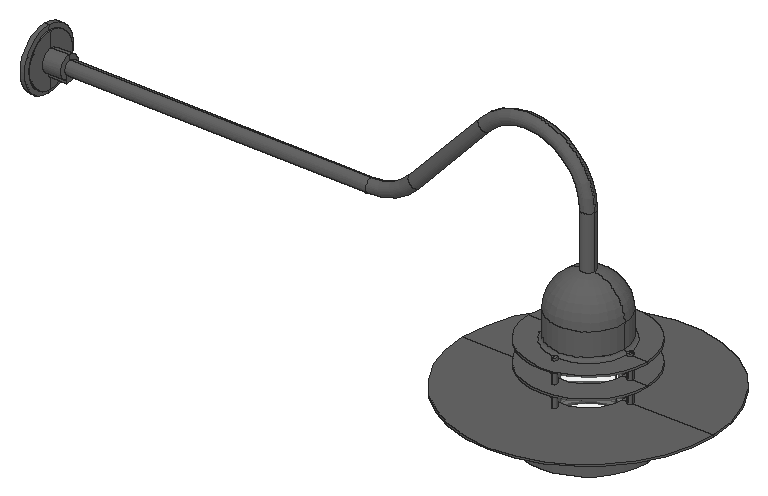
Revit family "Satelite 9,19 LED", category Lighting Fixtures, Revit 2020
Family settings
  Round Connector Dimension = Use Diameter
  Part Type = Normal
  OmniClass Number = 23.80.70.00
  OmniClass Title = Lighting
  Work Plane-Based = No
  Always vertical = Yes
  Cut with Voids When Loaded = No
  Light Source = Yes
  Shared = No
  Room Calculation Point = No
Parameters (values of type "SA19")
  b = 0' - 2"
  a = 0' - 11"
  Weight = "9.0 lbs"
  Wattage Comments = "24 W"
  Wattage = 26.9284 W
  Warranty = "5 year limited warranty"  # constant formula
  built-in parameter 1150110 = 1 (stored number, unit not read)
  Voltage = 277 V  # constant formula
  URL = "https://www.anplighting.com/assets/Uploads/product-attachments/specification-sheets/ANP-Specification-Sheet-RLM-LED-SA19.pdf"
  built-in parameter 1114217 = 1 (stored number, unit not read)
  Tilt Angle = 90.00°
  built-in parameter 1150109 = 1 (stored number, unit not read)
  built-in parameter 1150134 = 12
  built-in parameter 1150113 = 1 (stored number, unit not read)
  SA19 = yes
  SA09 = no
  Photometric Web File = "generic.ies"
  Mounting Option [instance] = 4
  Power Factor = 1
  Post Mount [instance] = Mounting Option = 5  # no
  Placement X axis side [instance] = if(Post Mount, 2' 2 15/32", if(Cord or Stem Mount, 0' 0", if(E36 20 inch, 1' 8 1/4", if(E 6 26 inch, 2' 2", if(E7 41 inch, 3' 5 1/4", 0' 1")))))  # 3' - 5 1/4"
  Model = "SA19"
  Manufacturer = "ANP Lighting"  # constant formula
  built-in parameter 1150105 = 318.31 (stored number, unit not read)
  Lumens = 4000 lm
  built-in parameter 1150115 = 1 (stored number, unit not read)
  Load Classification = Lighting
  Light Source Height [instance] = 0' - 0"
  built-in parameter 1150137 = (empty or 0)
  built-in parameter 1150139 = (empty or 0)
  Light Elevation _2 [instance] = if(Post Mount, 0' 0.66142", if(E7 41 inch, 0' 0.66142", if(E36 20 inch, 0' 1.65748", if(E 6 26 inch, 0' 1.53543", if(Cord or Stem Mount, (0' 4.3622" + Cord Length), 0' 0")))))  # 0' - 0.66142"
  Light Elevation _1 [instance] = if(Post Mount, 0' 0", if(E7 41 inch, 0' 0", if(E36 20 inch, 0' 1", if(E 6 26 inch, 0' 0.87402", if(Cord or Stem Mount, (0' 3.66142" + Cord Length), 0' 0")))))  # 0' - 0"
  Light Elevation [instance] = if(Post Mount, 14' 0.5315", if(E7 41 inch, 0' 0", 0' 0"))  # 0' - 0"
  Life = "L70 50,000 hours"  # constant formula
  built-in parameter 1150112 = 1 (stored number, unit not read)
  built-in parameter 1150114 = 1 (stored number, unit not read)
  Lamp = "LED"
  built-in parameter 1150132 = 2
  built-in parameter 1150102 = (empty or 0)
  built-in parameter 1150107 = 4000 (stored number, unit not read)
  built-in parameter 1150138 = (empty or 0)
  built-in parameter 1150106 = 3.1831 (stored number, unit not read)
  INSIDE BODY = Default
  Fixture Height = 1' - 0 1/2"
  Fixture Diameter = 1' - 7"
  Efficiency = "65-125 lumens per watt"  # constant formula
  built-in parameter 1150104 = 13.8 (stored number, unit not read)
  E7 41 inch [instance] = Mounting Option = 4  # yes
  E36 20 inch [instance] = Mounting Option = 3  # no
  E 6 26 inch [instance] = Mounting Option = 2  # no
  Dimming Lamp Color Temperature Shift = <None>
  Dimming = "1%"  # constant formula
  Description = "120-277 Voltage"  # constant formula
  Default Elevation = 0' - 0"
  Cord or Stem Mount [instance] = Mounting Option = 1  # no
  Cord Length option [instance] = 0
  Cord Length [instance] = if([2' Cord], 2' 0", if([4' Cord], 4' 0", if([8' Cord], 8' 0", if([10' Cord], 10' 0", if([6' Cord], 6' 0", 6' 0")))))  # 6' - 0"
  Construction Material = "Heavy Duty spun aluminum."  # constant formula
  Color Filter = 16777215
  Canopy Body = body
  CRI = ">90"  # constant formula
  Bulb = Glass
  Body Material = body
  Body Colour = "Spun aluminium"  # constant formula
  built-in parameter 1114218 = 1 (stored number, unit not read)
  built-in parameter 1150133 = 10 (stored number, unit not read)
  Apparent Load = 24 VA
  8' Cord [instance] = Cord Length option = 8  # no
  6' Cord [instance] = Cord Length option = 6  # no
  4' Cord [instance] = Cord Length option = 4  # no
  2' Cord [instance] = Cord Length option = 2  # no
  10' Cord [instance] = Cord Length option = 10  # no
Types (3): name | a | Weight | Wattage Comments | Wattage | URL | SA19 | SA09 | Photometric Web File | Mounting Option | Post Mount | Placement X axis side | Model | built-in parameter 1150105 | Lumens | Light Elevation | built-in parameter 1150106 | Fixture Height | Fixture Diameter | E7 41 inch | Apparent Load
  (no name) | 0' - 11" | "9.0 lbs" | "24 W" | 26.9284 W | "https://www.anplighting.com/assets/Uploads/product-attachments/specification-sheets/ANP-Specification-Sheet-RLM-LED-SA19.pdf" | yes | no | "generic.ies" | 4 | no | 3' - 5 1/4" | "SA19" | 318.31 (stored number, unit not read) | 4000 lm | 0' - 0" | 3.1831 (stored number, unit not read) | 1' - 0 1/2" | 1' - 7" | yes | 24 VA
  SA9 | 0' - 8" | "6.0 lbs" | "16 W" | 13.4642 W | "https://www.anplighting.com/assets/Uploads/product-attachments/specification-sheets/ANP-Specification-Sheet-RLM-LED-SA9.pdf" | no | yes | "Generic.ies" | 5 | yes | 2' - 2 15/32" | "SA9" | 159.11 (stored number, unit not read) | 2000 lm | 14' - 0.5315" | 1.5911 (stored number, unit not read) | 0' - 9 1/8" | 0' - 9" | no | 16 VA
  SA19 | 0' - 11" | "9.0 lbs" | "24 W" | 26.9284 W | "https://www.anplighting.com/assets/Uploads/product-attachments/specification-sheets/ANP-Specification-Sheet-RLM-LED-SA19.pdf" | yes | no | "generic.ies" | 4 | no | 3' - 5 1/4" | "SA19" | 318.31 (stored number, unit not read) | 4000 lm | 0' - 0" | 3.1831 (stored number, unit not read) | 1' - 0 1/2" | 1' - 7" | yes | 24 VA
Reference planes (in)
  plane 1 "Light Source Axis (F/B)": y = 0
  plane 2: z = 0
  plane 3 "Light Source Axis (L/R)": x = 0
  plane 4 "Light Source Elevation": z = 0
  plane 5: z = 0
  plane 6: x = 41.25
  plane 7 "Bulb Position": z = -0.66142
  plane 8 "Canopy Position": z = 0
  plane 9 "IES": z = -0.66142
  plane 10: z = 164.5315
  plane 11: z = -11
  plane 12: z = -9
  plane 13: z = -6.56887
Dimensions and locks (in)
  "Light Elevation": plane 5 to plane 2
  "Placement X axis side": plane 6 to plane 3 "Light Source Axis (L/R)"
  "Light Elevation _2": plane 5 to plane 7 "Bulb Position"
  "Light Elevation _1": plane 5 to plane 8 "Canopy Position"
  "Light Source Height": plane 7 "Bulb Position" to plane 9 "IES"
  plane 4 "Light Source Elevation" to plane 2 = 0' - 0"
  "a": plane 8 "Canopy Position" to plane 11
  "b": plane 12 to plane 11
  locked: plane 13 to plane 12 at 2.43113
  aligned and locked: level to plane 2
  aligned and locked: plane 1 "Light Source Axis (F/B)" to nested 5
  aligned and locked: nested 5 to plane 2
  aligned and locked: nested 1 to plane 3 "Light Source Axis (L/R)"
  aligned and locked: plane 3 "Light Source Axis (L/R)" to nested 2
  aligned and locked: plane 3 "Light Source Axis (L/R)" to nested 4
  aligned and locked: nested 3 to plane 5
  aligned and locked: plane 3 "Light Source Axis (L/R)" to nested 3
  aligned and locked: plane 3 "Light Source Axis (L/R)" to nested 5
  aligned and locked: plane 1 "Light Source Axis (F/B)" to nested 2
  aligned and locked: plane 1 "Light Source Axis (F/B)" to nested 1
  aligned and locked: plane 1 "Light Source Axis (F/B)" to nested 4
  aligned and locked: plane 1 "Light Source Axis (F/B)" to nested 3
  aligned and locked: plane 2 to nested 1
  aligned and locked: nested 2 to plane 2
  aligned and locked: nested 4 to plane 2
  aligned and locked: plane 6 to imposter light
  aligned and locked: imposter light to plane 12
  aligned and locked: nested 6 to plane 8 "Canopy Position"
  aligned and locked: nested 7 to plane 8 "Canopy Position"
  aligned and locked: plane 6 to nested 6
  aligned and locked: plane 6 to nested 7
Nested families (in)
  nested 1: "CORD OR STEM MOUNT" at (0, 0, -75.67), visible <- "Cord or Stem Mount", Cord or Stem Mount <- "Cord or Stem Mount", Body Material <- "Body Material", Light Elevation <- "Light Elevation", Cord Length <- "Cord Length", 10' Cord <- "10' Cord", 2' Cord <- "2' Cord", 4' Cord <- "4' Cord", 6' Cord <- "6' Cord", 8' Cord <- "8' Cord", type "CORD OR STEM MOUNT"
    with Light Elevation 0' - 0", Cord or Stem Mount no, Cord Length 6' - 0", Body Material body, 8' Cord no, 6' Cord no, 4' Cord no, 2' Cord no, 10' Cord no
  nested 2: "E6 26 INCH" at (41.25, 0, 0), visible <- "E 6 26 inch", Chain Length <- "Cord Length", E 6 26 inch <- "E 6 26 inch", Placement X axis side <- "Placement X axis side", Body Material <- "Body Material", Light Elevation <- "Light Elevation", type "E6 26 INCH"
    with Placement X axis side 3' - 5 1/4", Light Elevation 0' - 0", E 6 26 inch no, Chain Length 6' - 0", Body Material body
  nested 3: "E7 41 INCH" at (41.25, 0, 0), Chain Length <- "Cord Length", visible <- "E7 41 inch", E7 41 inch <- "E7 41 inch", Placement X axis side <- "Placement X axis side", Body Material <- "Body Material", Light Elevation <- "Light Elevation", type "E7 41 INCH"
    with Placement X axis side 3' - 5 1/4", Light Elevation 0' - 0", E7 41 inch yes, Chain Length 6' - 0", Body Material body
  nested 4: "E36 20 INCH" at (41.25, 0, 0), visible <- "E36 20 inch", E36 20 inch <- "E36 20 inch", Placement X axis side <- "Placement X axis side", Chain Length <- "Cord Length", Body Material <- "Body Material", Light Elevation <- "Light Elevation", type "E36 20 INCH"
    with Placement X axis side 3' - 5 1/4", Light Elevation 0' - 0", E36 20 inch no, Chain Length 6' - 0", Body Material body
  nested 5: "POST MOUNT" at (41.25, 0, 0), visible <- "Post Mount", Post Mount <- "Post Mount", Placement X axis side <- "Placement X axis side", Chain Length <- "Cord Length", Body Material <- "Body Material", Light Elevation <- "Light Elevation", type "POST MOUNT"
    with Post Mount no, Placement X axis side 3' - 5 1/4", Light Elevation 0' - 0", Chain Length 6' - 0", Body Material body
  nested 6: "SA9 A" at (41.25, 0, 0), Body <- "Canopy Body", Light Elevation <- "Light Elevation", SA09 <- "SA09", visible <- "SA09", GLASS <- "Bulb", type "SA9 A"
    with SA09 no, Light Elevation 0' - 0", GLASS Glass, Body body
  nested 7: "SA19 A" at (41.25, 0, 0), Body <- "Canopy Body", Light Elevation <- "Light Elevation", SA19 <- "SA19", visible <- "SA19", GLASS <- "Bulb", type "SA19 A"
    with SA19 yes, Light Elevation 0' - 0", GLASS Glass, Body body
Definition of nested family "E7 41 INCH"
  Parameters (values of type "E7 41 INCH")
    URL = ""
    Placement X axis side [instance] = 4' - 2"
    Model = ""
    Manufacturer = ""
    Light Elevation [instance] = 8' - 4"
    E7 41 inch [instance] = yes
    Default Elevation = 0' - 0"
    Chain Length [instance] = 0' - 0"
    Body Material [instance] = none
  Reference planes (in)
    plane 1 "Light Source Axis (F/B)": y = 0
    plane 2: z = 0
    plane 3 "Light Source Axis (L/R)": x = 0
    plane 4 "Light Source Elevation": z = 23.125
    plane 5: z = 100
    plane 6: x = -50
  Forms (in)
    Extrusion 1, void, not visible
      sketch origin (0, 0, 2.38154) x (1, 0, 0) y (0, 0, 1)
        loop
          circle (0, 4.59925) r 0.16583
      from 1.18594 to 1.75
    Extrusion 2, void, not visible
      sketch origin (0, 0, 2.38154) x (0.707107, -0.707107, 0) y (0, 0, 1)
        loop
          circle (0, 4.59925) r 0.16583
      from 1.18594 to 1.75
    Extrusion 3, void, not visible
      sketch origin (0, 0, 2.38154) x (0.707107, 0.707107, 0) y (0, 0, 1)
        loop
          circle (0, 4.59925) r 0.16583
      from 1.18594 to 1.75
    Extrusion 4, void, not visible
      sketch origin (0, 0, 2.38154) x (0, 1, 0) y (0, 0, 1)
        loop
          circle (0, 4.59925) r 0.16583
      from 1.18594 to 1.75
    Extrusion 5, void, not visible
      sketch origin (0, 0, 2.38154) x (-0.707107, 0.707107, 0) y (0, 0, 1)
        loop
          circle (0, 4.59925) r 0.16583
      from 1.18594 to 1.75
    Extrusion 6, void, not visible
      sketch origin (0, 0, 2.38154) x (-1, 0, 0) y (0, 0, 1)
        loop
          circle (0, 4.59925) r 0.20678
      from 1.18594 to 1.75
    Extrusion 7, void, not visible
      sketch origin (0, 0, 2.38154) x (-0.707107, -0.707107, 0) y (0, 0, 1)
        loop
          circle (0, 4.59925) r 0.16583
      from 1.18594 to 1.75
    Extrusion 8, void, not visible
      sketch origin (0, 0, 2.38154) x (0, -1, 0) y (0, 0, 1)
        loop
          circle (0, 4.59925) r 0.16583
      from 1.18594 to 1.75
    Revolve 9, solid, material <- "Body Material", visible <- "E7 41 inch"
      sketch origin (-41.25, 0, 168.39193) x (1, 0, 0) y (0, 0, 1)
        loop
          line (-8.75, -66.20443) -> (-8.75, -68.51693) -> (-6.87, -68.51693) -> (-6.87, -67.69272) -> (-8.2974, -67.69272) -> (-8.2974, -66.54122) -> (-8.41875, -66.54122) -> (-8.41875, -66.20443) -> (-8.75, -66.20443)
        axis (-8.75, -68.51693) -> (-6.87, -68.51693)
      angle from 0 to 360
    Extrusion 10, solid, material <- "Body Material", visible <- "E7 41 inch"
      sketch origin (-41.25, 0, 168.39193) x (0, -1, 0) y (0, 0, -1)
        loop
          line (0.25, 68.51693) -> (0.25, 69.51693) -> (-0.25, 69.51693) -> (-0.25, 68.51693) -> (0.25, 68.51693)
      from -8.2974 to -6.87
    Sweep 11, solid, material <- "Body Material", visible <- "E7 41 inch"
      path origin (-41.25, 0, 168.39193) x (1, 0, 0) y (0, 0, 1)
        loop
          line (-6.87, -68.51693) -> (16.04011, -68.51693)
          arc (16.04011, -68.51693) -> (17.864, -68.13651) -> (19.38375, -67.0587) r 4.5625
          line (19.38375, -67.0587) -> (24.70217, -61.33018)
          arc (24.70217, -61.33018) -> (29.64465, -60.20324) -> (32.5, -64.39193) r 4.5
          line (32.5, -64.39193) -> (32.5, -68.39193)
      profile origin (-36.66494, 0, 99.875) x (0, 0, 1) y (0, -1, 0)
        loop
          circle (0, 0) r 0.5
  Dimensions and locks (in)
    "Placement X axis side": plane 3 "Light Source Axis (L/R)" to plane 6
    "Light Elevation": plane 5 to plane 2
    locked: Revolve 9 sketch curve to Revolve 9 sketch curve at 0.33125
    locked: Revolve 9 sketch curve to Revolve 9 sketch curve at 0.4526
    locked: Revolve 9 sketch curve to Revolve 9 sketch curve at 1.88
    locked: Revolve 9 sketch curve to Revolve 9 sketch curve at 0.82421
    locked: Revolve 9 sketch curve to Revolve 9 sketch curve at 1.1515
    locked: Revolve 9 sketch curve to Revolve 9 sketch curve at 0.33679
    locked: plane 5 to Revolve 9 sketch curve at 0.125
    locked: Extrusion 10 sketch curve to Extrusion 10 sketch curve at 0.5
    locked: Extrusion 10 sketch curve to Extrusion 10 sketch curve at 1
    locked: plane 5 to Extrusion 10 sketch curve at 0.125
    locked: plane 5 to Sweep 11 sketch curve at 0.125
    locked: Sweep 11 sketch curve to Sweep 11 sketch curve at 39.37
    locked: Sweep 11 sketch curve to Sweep 11 sketch curve at 4
    locked: plane 6 to Extrusion 10 at 0.4526
    locked: Sweep 11 sketch curve to plane 6 at 1.88
    locked: Extrusion 10 to Extrusion 10 at 1.4274
    aligned and locked: plane 2 to level
    aligned and locked: Revolve 9 sketch curve to plane 6
  Automatic sketch dimensions
    Revolve 9 sketch curve to plane 5 = 0' - 0 1/8"
    plane 6 to Revolve 9 sketch curve = 0' - 0.62562"
    Revolve 9 sketch curve to Revolve 9 sketch curve = 0' - 0 1/2"
    plane 1 "Light Source Axis (F/B)" to Extrusion 10 sketch curve = 0' - 0 1/4"
    Sweep 11 sketch curve to plane 5 = 0' - 0"
    Sweep 11 sketch curve to Sweep 11 sketch curve = 0' - 4 1/2"
    Sweep 11 sketch curve to Sweep 11 sketch curve = 0' - 3.29783"
    plane 5 to Sweep 11 sketch curve = 0' - 1.33323"
    Sweep 11 sketch curve to Sweep 11 sketch curve = 0' - 5.31842"
    Sweep 11 sketch curve to Sweep 11 sketch curve = 0' - 3.34364"
    profile plane to Sweep 11 sketch curve = 0' - 0"
    Sweep 11 sketch curve to profile plane = 0' - 0"
    radius of Sweep 11 sketch curve = 0' - 0 1/2"
Definition of nested family "SA19 A"
  Parameters (values of type "SA19 A")
    SA19 [instance] = yes
    Light Elevation [instance] = 0' - 0"
    GLASS [instance] = none
    Default Elevation = 0' - 0"
    Body [instance] = none
  Reference planes (in)
    plane 1 "Center (Front/Back)": y = 0
    plane 2: z = 0
    plane 3 "Center (Left/Right)": x = 0
    plane 4: z = 0
  Dimensions and locks (in)
    "Light Elevation": plane 4 to plane 2
    aligned and locked: plane 2 to level
    aligned and locked: plane 3 "Center (Left/Right)" to nested 1
    aligned and locked: plane 1 "Center (Front/Back)" to nested 1
    aligned and locked: nested 1 to plane 4
  Nested families (in)
    nested 1: "SA19" at (0, 0, -18.97769), GLASS <- "GLASS", Body <- "Body", visible <- "SA19", SA19 <- "SA19", type "SA19"
      with SA19 yes, GLASS none, Body none
  Definition of nested family "SA19"
    Parameters (values of type "SA19")
      SA19 [instance] = yes
      GLASS [instance] = none
      Default Elevation = 0' - 0"
      Body [instance] = none
    Reference planes (in)
      plane 1 "Center (Front/Back)": y = 0
      plane 2: z = 0
      plane 3 "Center (Left/Right)": x = 0
    Forms (in)
      Revolve 1, solid, material <- "Body", visible <- "SA19"
        sketch origin (-26.97707, 0, -19.59999) x (1, 0, 0) y (0, 0, 1)
          loop
            line (24.22707, 35.82768) -> (24.22707, 34.08623)
            arc (24.22707, 34.08623) -> (24.15384, 33.90945) -> (23.97707, 33.83623) r 0.25
            line (23.97707, 33.83623) -> (22.47707, 33.83623) -> (22.47707, 33.71123) -> (23.97707, 33.71123)
            arc (23.97707, 33.71123) -> (24.24223, 33.82106) -> (24.35207, 34.08623) r 0.375
            line (24.35207, 34.08623) -> (24.35207, 35.82768)
            arc (24.35207, 35.82768) -> (25.11953, 37.68246) -> (26.97316, 38.45268) r 2.625
            line (26.97316, 38.45268) -> (26.97316, 38.57768)
            arc (26.97316, 38.57768) -> (25.03114, 37.77084) -> (24.22707, 35.82768) r 2.75
          loop
            line (22.47707, 32.21123) -> (22.47707, 32.08623) -> (24.35207, 32.08623) -> (24.35207, 32.21123) -> (22.47707, 32.21123)
          loop
            line (24.35207, 30.46123) -> (24.35207, 30.58623) -> (17.47707, 30.58623) -> (17.47707, 30.46123) -> (24.35207, 30.46123)
          loop
            arc (22.72707, 28.46123) -> (22.55029, 28.388) -> (22.47707, 28.21123) r 0.25
            line (22.47707, 28.21123) -> (22.47707, 26.96123) -> (22.60207, 26.96123) -> (22.60207, 28.21123)
            arc (22.60207, 28.21123) -> (22.63868, 28.29962) -> (22.72707, 28.33623) r 0.125
            line (22.72707, 28.33623) -> (24.35207, 28.33623) -> (24.35207, 28.46123) -> (22.72707, 28.46123)
          axis (26.97707, 26.96123) -> (26.97707, 38.57768)
        angle from 0 to 360
      Revolve 2, solid, material <- "Body", visible <- "SA19"
        sketch origin (-26.97707, 0, -19.59999) x (1, 0, 0) y (0, 0, 1)
          loop
            line (23.60207, 33.71123) -> (23.60207, 32.21123) -> (23.66457, 32.21123) -> (23.66457, 33.71123) -> (23.60207, 33.71123)
          loop
            line (23.60207, 30.58623) -> (23.66457, 30.58623) -> (23.66457, 32.08623) -> (23.60207, 32.08623) -> (23.60207, 30.58623)
          loop
            line (23.60207, 28.46123) -> (23.66457, 28.46123) -> (23.66457, 30.46123) -> (23.60207, 30.46123) -> (23.60207, 28.46123)
          axis (23.78957, 33.71123) -> (23.78957, 28.46123)
        angle from 0 to 360
      Revolve 3, solid, material <- "Body", visible <- "SA19"
        sketch origin (-26.97707, 0, -19.59999) x (1, 0, 0) y (0, 0, 1)
          loop
            line (23.78957, 33.83623) -> (23.78957, 34.02373) -> (23.69582, 34.02373) -> (23.60207, 33.96123) -> (23.60207, 33.83623) -> (23.78957, 33.83623)
          axis (23.78957, 33.83623) -> (23.78957, 34.02373)
        angle from 0 to 360
      Revolve 4, solid, material <- "Body", visible <- "SA19"
        sketch origin (-26.97707, 0, -19.59999) x (1, 0, 0) y (0, 0, 1)
          loop
            arc (23.78957, 28.33623) -> (23.60192, 28.14858) -> (23.78957, 27.96093) r 0.18765
            line (23.78957, 27.96093) -> (23.78957, 28.33623)
          axis (23.78957, 28.33623) -> (23.78957, 27.96093)
        angle from 0 to 360
      Revolve 5, solid, material <- "Body", visible <- "SA19"
        sketch origin (26.97707, 0, -19.59999) x (-1, 0, 0) y (0, 0, 1)
          loop
            line (23.60207, 33.71123) -> (23.60207, 32.21123) -> (23.66457, 32.21123) -> (23.66457, 33.71123) -> (23.60207, 33.71123)
          loop
            line (23.60207, 30.58623) -> (23.66457, 30.58623) -> (23.66457, 32.08623) -> (23.60207, 32.08623) -> (23.60207, 30.58623)
          loop
            line (23.60207, 28.46123) -> (23.66457, 28.46123) -> (23.66457, 30.46123) -> (23.60207, 30.46123) -> (23.60207, 28.46123)
          axis (23.78957, 33.71123) -> (23.78957, 28.46123)
        angle from 0 to 360
      Revolve 6, solid, material <- "Body", visible <- "SA19"
        sketch origin (26.97707, 0, -19.59999) x (-1, 0, 0) y (0, 0, 1)
          loop
            line (23.78957, 33.83623) -> (23.78957, 34.02373) -> (23.69582, 34.02373) -> (23.60207, 33.96123) -> (23.60207, 33.83623) -> (23.78957, 33.83623)
          axis (23.78957, 33.83623) -> (23.78957, 34.02373)
        angle from 0 to 360
      Revolve 7, solid, material <- "Body", visible <- "SA19"
        sketch origin (26.97707, 0, -19.59999) x (-1, 0, 0) y (0, 0, 1)
          loop
            arc (23.78957, 28.33623) -> (23.60192, 28.14858) -> (23.78957, 27.96093) r 0.18765
            line (23.78957, 27.96093) -> (23.78957, 28.33623)
          axis (23.78957, 28.33623) -> (23.78957, 27.96093)
        angle from 0 to 360
      Revolve 8, solid, material <- "Body", visible <- "SA19"
        sketch origin (0, 26.97707, -19.59999) x (0, -1, 0) y (0, 0, 1)
          loop
            line (23.60207, 33.71123) -> (23.60207, 32.21123) -> (23.66457, 32.21123) -> (23.66457, 33.71123) -> (23.60207, 33.71123)
          loop
            line (23.60207, 30.58623) -> (23.66457, 30.58623) -> (23.66457, 32.08623) -> (23.60207, 32.08623) -> (23.60207, 30.58623)
          loop
            line (23.60207, 28.46123) -> (23.66457, 28.46123) -> (23.66457, 30.46123) -> (23.60207, 30.46123) -> (23.60207, 28.46123)
          axis (23.78957, 33.71123) -> (23.78957, 28.46123)
        angle from 0 to 360
      Revolve 9, solid, material <- "Body", visible <- "SA19"
        sketch origin (0, 26.97707, -19.59999) x (0, -1, 0) y (0, 0, 1)
          loop
            line (23.78957, 33.83623) -> (23.78957, 34.02373) -> (23.69582, 34.02373) -> (23.60207, 33.96123) -> (23.60207, 33.83623) -> (23.78957, 33.83623)
          axis (23.78957, 33.83623) -> (23.78957, 34.02373)
        angle from 0 to 360
      Revolve 10, solid, material <- "Body", visible <- "SA19"
        sketch origin (0, 26.97707, -19.59999) x (0, -1, 0) y (0, 0, 1)
          loop
            arc (23.78957, 28.33623) -> (23.60192, 28.14858) -> (23.78957, 27.96093) r 0.18765
            line (23.78957, 27.96093) -> (23.78957, 28.33623)
          axis (23.78957, 28.33623) -> (23.78957, 27.96093)
        angle from 0 to 360
      Revolve 11, solid, material <- "Body"
        sketch origin (0, -26.97707, -19.59999) x (0, 1, 0) y (0, 0, -1)
          loop
            line (23.60207, -33.71123) -> (23.66457, -33.71123) -> (23.66457, -32.21123) -> (23.60207, -32.21123) -> (23.60207, -33.71123)
          loop
            line (23.60207, -30.58623) -> (23.60207, -32.08623) -> (23.66457, -32.08623) -> (23.66457, -30.58623) -> (23.60207, -30.58623)
          loop
            line (23.60207, -28.46123) -> (23.60207, -30.46123) -> (23.66457, -30.46123) -> (23.66457, -28.46123) -> (23.60207, -28.46123)
          axis (23.78957, -33.71123) -> (23.78957, -28.46123)
        angle from 0 to 360
      Revolve 12, solid, material <- "Body"
        sketch origin (0, -26.97707, -19.59999) x (0, 1, 0) y (0, 0, -1)
          loop
            line (23.78957, -33.83623) -> (23.60207, -33.83623) -> (23.60207, -33.96123) -> (23.69582, -34.02373) -> (23.78957, -34.02373) -> (23.78957, -33.83623)
          axis (23.78957, -33.83623) -> (23.78957, -34.02373)
        angle from 0 to 360
      Revolve 13, solid, material <- "Body", visible <- "SA19"
        sketch origin (0, -26.97707, -19.59999) x (0, 1, 0) y (0, 0, -1)
          loop
            line (23.78957, -28.33623) -> (23.78957, -27.96093)
            arc (23.78957, -27.96093) -> (23.60192, -28.14858) -> (23.78957, -28.33623) r 0.18765
          axis (23.78957, -28.33623) -> (23.78957, -27.96093)
        angle from 0 to 360
      Revolve 14, solid
        sketch origin (-39.5462, 0, -2.85721) x (1, 0, 0) y (0, 0, 1)
          loop
            line (38.7962, 18.11574) -> (37.0462, 18.11574) -> (37.0462, 17.36574) -> (37.1087, 17.36574) -> (37.1087, 16.86574) -> (37.3587, 16.86574) -> (37.3587, 17.92824) -> (38.7962, 17.92824) -> (38.7962, 18.11574)
          axis (39.5462, 18.11574) -> (39.5462, 16.86574)
        angle from 0 to 360
      Revolve 15, solid, material <- "GLASS"
        sketch origin (-39.5462, 0, -2.85721) x (1, 0, 0) y (0, 0, 1)
          loop
            line (37.59458, 17.83567) -> (37.46958, 17.83567) -> (37.46958, 16.86574) -> (37.3612, 16.77317) -> (37.3612, 11.52067)
            arc (37.3612, 11.52067) -> (38.00117, 9.97565) -> (39.5462, 9.33567) r 2.185
            line (39.5462, 9.33567) -> (39.5462, 9.46067)
            arc (39.5462, 9.46067) -> (38.08956, 10.06403) -> (37.4862, 11.52067) r 2.06
            line (37.4862, 11.52067) -> (37.4862, 16.71555) -> (37.59458, 16.80811) -> (37.59458, 17.83567)
          axis (39.5462, 17.83567) -> (39.5462, 9.33567)
        angle from 0 to 360
    Dimensions and locks (in)
      aligned and locked: plane 2 to level
Definition of nested family "CORD OR STEM MOUNT"
  Parameters (values of type "CORD OR STEM MOUNT")
    URL = ""
    Model = ""
    Manufacturer = ""
    Light Elevation [instance] = 1' - 7.69"
    Default Elevation = 0' - 0"
    Cord or Stem Mount [instance] = yes
    Cord Length [instance] = 6' - 0"
    Body Material [instance] = none
    8' Cord [instance] = no
    6' Cord [instance] = no
    4' Cord [instance] = no
    2' Cord [instance] = no
    10' Cord [instance] = no
  Reference planes (in)
    plane 1 "Light Source Axis (F/B)": y = 0
    plane 2: z = 0
    plane 3 "Light Source Axis (L/R)": x = 0
    plane 4 "Light Source Elevation": z = 23.125
    plane 5: z = 91.69
    plane 6: z = 19.69
  Forms (in)
    Extrusion 1, void, not visible
      sketch origin (0, 0, 2.38154) x (1, 0, 0) y (0, 0, 1)
        loop
          circle (0, 4.59925) r 0.16583
      from 1.18594 to 1.75
    Extrusion 2, void, not visible
      sketch origin (0, 0, 2.38154) x (0.707107, -0.707107, 0) y (0, 0, 1)
        loop
          circle (0, 4.59925) r 0.16583
      from 1.18594 to 1.75
    Extrusion 3, void, not visible
      sketch origin (0, 0, 2.38154) x (0.707107, 0.707107, 0) y (0, 0, 1)
        loop
          circle (0, 4.59925) r 0.16583
      from 1.18594 to 1.75
    Extrusion 4, void, not visible
      sketch origin (0, 0, 2.38154) x (0, 1, 0) y (0, 0, 1)
        loop
          circle (0, 4.59925) r 0.16583
      from 1.18594 to 1.75
    Extrusion 5, void, not visible
      sketch origin (0, 0, 2.38154) x (-0.707107, 0.707107, 0) y (0, 0, 1)
        loop
          circle (0, 4.59925) r 0.16583
      from 1.18594 to 1.75
    Extrusion 6, void, not visible
      sketch origin (0, 0, 2.38154) x (-1, 0, 0) y (0, 0, 1)
        loop
          circle (0, 4.59925) r 0.20678
      from 1.18594 to 1.75
    Extrusion 7, void, not visible
      sketch origin (0, 0, 2.38154) x (-0.707107, -0.707107, 0) y (0, 0, 1)
        loop
          circle (0, 4.59925) r 0.16583
      from 1.18594 to 1.75
    Extrusion 8, void, not visible
      sketch origin (0, 0, 2.38154) x (0, -1, 0) y (0, 0, 1)
        loop
          circle (0, 4.59925) r 0.16583
      from 1.18594 to 1.75
    Revolve 9, solid, material <- "Body Material", visible <- "Cord or Stem Mount"
      sketch origin (0, 0, 174.56698) x (1, 0, 0) y (0, 0, 1)
        loop
          line (2.6875, -79.20698) -> (0, -79.20698) -> (0, -82.87698) -> (0.125, -82.87698) -> (0.125, -82.83698) -> (0.75, -82.83698)
          arc (0.75, -82.83698) -> (0.81694, -82.77004) -> (0.75, -82.7031) r 0.06694
          line (0.75, -82.7031) -> (0.89763, -82.7031) -> (1.00223, -82.5985) -> (1.06587, -82.5985)
          arc (1.06587, -82.5985) -> (1.80099, -82.29401) -> (2.10549, -81.55888) r 1.03962
          line (2.10549, -81.55888) -> (2.10549, -81.03899)
          arc (2.10549, -81.03899) -> (2.12951, -80.981) -> (2.1875, -80.95698) r 0.08201
          line (2.1875, -80.95698) -> (2.1875, -80.70698) -> (2.6875, -80.70698) -> (2.6875, -79.20698)
        axis (0, -79.20698) -> (0, -82.87698)
      angle from 0 to 360
    Revolve 10, solid, material <- "Body Material", visible <- "Cord or Stem Mount"
      sketch origin (0, 0, 0) x (1, 0, 0) y (0, 0, 1)
        loop
          line (0, 91.69) -> (-0.125, 91.69) -> (-0.125, 19.69) -> (0, 19.69) -> (0, 91.69)
        axis (0, 19.69) -> (0, 91.69)
      angle from 0 to 360
  Dimensions and locks (in)
    "Light Elevation": plane 6 to plane 2
    "Cord Length": plane 5 to plane 6
    locked: Revolve 10 sketch curve to Revolve 10 sketch curve at 0.125
    aligned and locked: level to plane 2
    aligned and locked: Revolve 10 sketch curve to plane 3 "Light Source Axis (L/R)"
    aligned and locked: Revolve 10 sketch curve to plane 6
    aligned and locked: Revolve 10 sketch curve to plane 5
    aligned and locked: plane 3 "Light Source Axis (L/R)" to Revolve 10 sketch curve
  Automatic sketch dimensions
    Revolve 9 sketch curve to plane 3 "Light Source Axis (L/R)" = 0' - 0"  (x2)
    Revolve 9 sketch curve to plane 5 = 0' - 0"
    plane 3 "Light Source Axis (L/R)" to Revolve 9 sketch curve = 0' - 0 1/8"
    Revolve 9 sketch curve to plane 5 = 0' - 0.17388"
    Revolve 9 sketch curve to Revolve 9 sketch curve = 0' - 0 5/8"
    Revolve 9 sketch curve to Revolve 9 sketch curve = 0' - 0.14763"
    Revolve 9 sketch curve to plane 5 = 0' - 0.27847"
    Revolve 9 sketch curve to Revolve 9 sketch curve = 0' - 0.1046"
    Revolve 9 sketch curve to Revolve 9 sketch curve = 0' - 0.06364"
    Revolve 9 sketch curve to Revolve 9 sketch curve = 0' - 1.03962"
    Revolve 9 sketch curve to Revolve 9 sketch curve = 0' - 0 21/256"
    Revolve 9 sketch curve to Revolve 9 sketch curve = 0' - 0 1/2"  (x2)
    Revolve 9 sketch curve to Revolve 9 sketch curve = 0' - 0.51989"
    Revolve 9 sketch curve to Revolve 9 sketch curve = 0' - 0 1/4"
    Revolve 9 sketch curve to Revolve 9 sketch curve = 0' - 2.3519"
    Revolve 9 sketch curve to Revolve 9 sketch curve = 0' - 1 1/4"
    Revolve 9 sketch curve to Revolve 9 sketch curve = 0' - 0.04"
    Revolve 10 sketch curve to Revolve 10 sketch curve = 0' - 0 1/2"
    Revolve 10 sketch curve to Revolve 10 sketch curve = 0' - 0.42345"
Definition of nested family "E6 26 INCH"
  Parameters (values of type "E6 26 INCH")
    URL = ""
    Placement X axis side [instance] = 2' - 2"
    Model = ""
    Manufacturer = ""
    Light Elevation [instance] = 8' - 4"
    E 6 26 inch [instance] = yes
    Default Elevation = 0' - 0"
    Chain Length [instance] = 0' - 0"
    Body Material [instance] = none
  Reference planes (in)
    plane 1 "Light Source Axis (F/B)": y = 0
    plane 2: z = 0
    plane 3 "Light Source Axis (L/R)": x = 0
    plane 4 "Light Source Elevation": z = 23.125
    plane 5: z = 100
    plane 6: x = -26
    plane 7: z = 99.125
    plane 8: x = -24.12
    plane 9: x = -25.5474
  Forms (in)
    Extrusion 1, void, not visible
      sketch origin (0, 0, 2.38154) x (1, 0, 0) y (0, 0, 1)
        loop
          circle (0, 4.59925) r 0.16583
      from 1.18594 to 1.75
    Extrusion 2, void, not visible
      sketch origin (0, 0, 2.38154) x (0.707107, -0.707107, 0) y (0, 0, 1)
        loop
          circle (0, 4.59925) r 0.16583
      from 1.18594 to 1.75
    Extrusion 3, void, not visible
      sketch origin (0, 0, 2.38154) x (0.707107, 0.707107, 0) y (0, 0, 1)
        loop
          circle (0, 4.59925) r 0.16583
      from 1.18594 to 1.75
    Extrusion 4, void, not visible
      sketch origin (0, 0, 2.38154) x (0, 1, 0) y (0, 0, 1)
        loop
          circle (0, 4.59925) r 0.16583
      from 1.18594 to 1.75
    Extrusion 5, void, not visible
      sketch origin (0, 0, 2.38154) x (-0.707107, 0.707107, 0) y (0, 0, 1)
        loop
          circle (0, 4.59925) r 0.16583
      from 1.18594 to 1.75
    Extrusion 6, void, not visible
      sketch origin (0, 0, 2.38154) x (-1, 0, 0) y (0, 0, 1)
        loop
          circle (0, 4.59925) r 0.20678
      from 1.18594 to 1.75
    Extrusion 7, void, not visible
      sketch origin (0, 0, 2.38154) x (-0.707107, -0.707107, 0) y (0, 0, 1)
        loop
          circle (0, 4.59925) r 0.16583
      from 1.18594 to 1.75
    Extrusion 8, void, not visible
      sketch origin (0, 0, 2.38154) x (0, -1, 0) y (0, 0, 1)
        loop
          circle (0, 4.59925) r 0.16583
      from 1.18594 to 1.75
    Sweep 9, solid, material <- "Body Material", visible <- "E 6 26 inch"
      path origin (-41.25, 0, 168.51693) x (1, 0, 0) y (0, 0, 1)
        loop
          line (17.13, -68.51693) -> (27.68551, -68.51693)
          arc (27.68551, -68.51693) -> (28.47996, -68.34486) -> (29.13202, -67.8595) r 1.92004
          line (29.13202, -67.8595) -> (34.23651, -62.01155)
          arc (34.23651, -62.01155) -> (38.65464, -60.89667) -> (41.25, -64.64193) r 4
          line (41.25, -64.64193) -> (41.25, -69.39193)
      profile origin (-18.84224, 0, 100) x (0, 0, 1) y (0, -1, 0)
        loop
          circle (0, 0) r 0.5
    Revolve 10, solid, material <- "Body Material", visible <- "E 6 26 inch"
      sketch origin (-26, 0, 168.51693) x (1, 0, 0) y (0, 0, 1)
        loop
          line (0, -66.07943) -> (0, -68.51693) -> (1.88, -68.51693) -> (1.88, -67.69272) -> (0.4526, -67.69272) -> (0.4526, -66.54122) -> (0.33125, -66.54122) -> (0.33125, -66.07943) -> (0, -66.07943)
        axis (0, -68.51693) -> (1.88, -68.51693)
      angle from 0 to 360
    Extrusion 11, solid, material <- "Body Material", visible <- "E 6 26 inch"
      sketch origin (-26, 0, 168.51693) x (0, -1, 0) y (0, 0, -1)
        loop
          line (0.25, 68.51693) -> (0.25, 69.51693) -> (-0.25, 69.51693) -> (-0.25, 68.51693) -> (0.25, 68.51693)
      from 0.4526 to 1.88
  Cuts and joins
    joined: Revolve 10, Extrusion 11
  Dimensions and locks (in)
    "Light Elevation": plane 5 to plane 2
    "Placement X axis side": plane 3 "Light Source Axis (L/R)" to plane 6
    locked: plane 5 to plane 7 at 0.875
    Revolve 10 sketch curve to Revolve 10 sketch curve to Revolve 10 sketch curve to plane 6 = 0' - 1.4274" locked, 0' - 0.12135" locked, 0' - 0.33125" locked
    Revolve 10 sketch curve to Revolve 10 sketch curve to Revolve 10 sketch curve to plane 5 = 0' - 0.46179" locked, 0' - 1.1515" locked, 0' - 0 211/256" locked
    locked: Sweep 9 sketch curve to plane 6 at 1.88
    locked: Sweep 9 sketch curve to Sweep 9 sketch curve at 10.55551
    locked: Sweep 9 sketch curve to Sweep 9 sketch curve at 13.56449
    locked: Sweep 9 sketch curve to Sweep 9 sketch curve at 4.75
    locked: plane 9 to plane 6 at 0.4526
    locked: plane 8 to plane 9 at 1.4274
    aligned and locked: level to plane 2
    aligned and locked: Revolve 10 sketch curve to plane 6
    aligned and locked: plane 5 to Revolve 10 sketch curve
    aligned and locked: Revolve 10 sketch curve to plane 5
    aligned and locked: cut or joined group of Revolve 10, Extrusion 11 to plane 9
    aligned and locked: plane 8 to cut or joined group of Revolve 10, Extrusion 11
  Automatic sketch dimensions
    Sweep 9 sketch curve to plane 5 = 0' - 0"
    Sweep 9 sketch curve to Sweep 9 sketch curve = 0' - 4"
    Sweep 9 sketch curve to Sweep 9 sketch curve = 0' - 3.01349"
    plane 5 to Sweep 9 sketch curve = 0' - 0.65743"
    Sweep 9 sketch curve to Sweep 9 sketch curve = 0' - 1.4465"
    Sweep 9 sketch curve to plane 5 = 0' - 0 7/8"
    profile plane to Sweep 9 sketch curve = 0' - 0"
    Sweep 9 sketch curve to profile plane = 0' - 0"
    plane 6 to Revolve 10 sketch curve = 0' - 0.62562"
    Revolve 10 sketch curve to Revolve 10 sketch curve = 0' - 0 1/2"
    Extrusion 11 sketch curve to plane 5 = 0' - 0"
    plane 1 "Light Source Axis (F/B)" to Extrusion 11 sketch curve = 0' - 0 1/4"
    Extrusion 11 sketch curve to plane 1 "Light Source Axis (F/B)" = 0' - 0 1/4"
    plane 5 to Extrusion 11 sketch curve = 0' - 1"
    radius of Sweep 9 sketch curve = 0' - 0 1/2"
Definition of nested family "E36 20 INCH"
  Parameters (values of type "E36 20 INCH")
    URL = ""
    Placement X axis side [instance] = 1' - 8 1/4"
    Model = ""
    Manufacturer = ""
    Light Elevation [instance] = 8' - 4"
    E36 20 inch [instance] = yes
    Default Elevation = 0' - 0"
    Chain Length [instance] = 0' - 0"
    Body Material [instance] = none
  Reference planes (in)
    plane 1 "Light Source Axis (F/B)": y = 0
    plane 2: z = 0
    plane 3 "Light Source Axis (L/R)": x = 0
    plane 4 "Light Source Elevation": z = 23.125
    plane 5: z = 99
    plane 6: x = -20.25
    plane 7: z = 100
    plane 8: x = -18.37008
    plane 9: x = -19.79724
  Forms (in)
    Extrusion 1, void, not visible
      sketch origin (0, 0, 2.38154) x (1, 0, 0) y (0, 0, 1)
        loop
          circle (0, 4.59925) r 0.16583
      from 1.18594 to 1.75
    Extrusion 2, void, not visible
      sketch origin (0, 0, 2.38154) x (0.707107, -0.707107, 0) y (0, 0, 1)
        loop
          circle (0, 4.59925) r 0.16583
      from 1.18594 to 1.75
    Extrusion 3, void, not visible
      sketch origin (0, 0, 2.38154) x (0.707107, 0.707107, 0) y (0, 0, 1)
        loop
          circle (0, 4.59925) r 0.16583
      from 1.18594 to 1.75
    Extrusion 4, void, not visible
      sketch origin (0, 0, 2.38154) x (0, 1, 0) y (0, 0, 1)
        loop
          circle (0, 4.59925) r 0.16583
      from 1.18594 to 1.75
    Extrusion 5, void, not visible
      sketch origin (0, 0, 2.38154) x (-0.707107, 0.707107, 0) y (0, 0, 1)
        loop
          circle (0, 4.59925) r 0.16583
      from 1.18594 to 1.75
    Extrusion 6, void, not visible
      sketch origin (0, 0, 2.38154) x (-1, 0, 0) y (0, 0, 1)
        loop
          circle (0, 4.59925) r 0.20678
      from 1.18594 to 1.75
    Extrusion 7, void, not visible
      sketch origin (0, 0, 2.38154) x (-0.707107, -0.707107, 0) y (0, 0, 1)
        loop
          circle (0, 4.59925) r 0.16583
      from 1.18594 to 1.75
    Extrusion 8, void, not visible
      sketch origin (0, 0, 2.38154) x (0, -1, 0) y (0, 0, 1)
        loop
          circle (0, 4.59925) r 0.16583
      from 1.18594 to 1.75
    Sweep 9, solid, material <- "Body Material", visible <- "E36 20 inch"
      path origin (-41.25, 0, 169.51693) x (1, 0, 0) y (0, 0, 1)
        loop
          line (22.88, -69.51693) -> (28.93827, -69.51693)
          arc (28.93827, -69.51693) -> (29.97705, -69.28152) -> (30.81284, -68.62128) r 2.40953
          line (30.81284, -68.62128) -> (34.13807, -64.50378)
          arc (34.13807, -64.50378) -> (38.58272, -63.24548) -> (41.25, -67.01693) r 4
          line (41.25, -67.01693) -> (41.25, -70.51693)
      profile origin (-15.34086, 0, 100) x (0, 0, 1) y (0, -1, 0)
        loop
          circle (0, 0) r 0.5
    Revolve 10, solid, material <- "Body Material", visible <- "E36 20 inch"
      sketch origin (-20.25, 0, 169.51693) x (1, 0, 0) y (0, 0, 1)
        loop
          line (0, -67.20443) -> (0, -69.51693) -> (1.88, -69.51693) -> (1.88, -68.69272) -> (0.4526, -68.69272) -> (0.4526, -67.54122) -> (0.33125, -67.54122) -> (0.33125, -67.20443) -> (0, -67.20443)
        axis (0, -69.51693) -> (1.88, -69.51693)
      angle from 0 to 360
    Extrusion 11, solid, material <- "Body Material", visible <- "E36 20 inch"
      sketch origin (-20.25, 0, 169.51693) x (0, -1, 0) y (0, 0, -1)
        loop
          line (0.25, 69.51693) -> (0.25, 70.51693) -> (-0.25, 70.51693) -> (-0.25, 69.51693) -> (0.25, 69.51693)
      from 1.87992 to 0.45276
  Cuts and joins
    joined: Revolve 10, Extrusion 11
  Dimensions and locks (in)
    "Light Elevation": plane 7 to plane 2
    "Placement X axis side": plane 3 "Light Source Axis (L/R)" to plane 6
    locked: plane 7 to plane 5 at 1
    Revolve 10 sketch curve to Revolve 10 sketch curve to Revolve 10 sketch curve to plane 7 = 0' - 0.33679" locked, 0' - 1.1515" locked, 0' - 0 211/256" locked
    locked: Sweep 9 sketch curve to plane 6 at 1.88
    locked: Sweep 9 sketch curve to Sweep 9 sketch curve at 6.05827
    locked: Sweep 9 sketch curve to Sweep 9 sketch curve at 12.31173
    locked: Sweep 9 sketch curve to Sweep 9 sketch curve at 3.5
    Revolve 10 sketch curve to Revolve 10 sketch curve to Revolve 10 sketch curve to plane 6 = 0' - 1.4274" locked, 0' - 0.12135" locked, 0' - 0.33125" locked
    locked: plane 9 to plane 6 at 0.45276
    locked: plane 8 to plane 9 at 1.42717
    aligned and locked: level to plane 2
    aligned and locked: plane 7 to Revolve 10 sketch curve
    aligned and locked: Revolve 10 sketch curve to plane 7
    aligned and locked: Revolve 10 sketch curve to plane 6
    aligned and locked: cut or joined group of Revolve 10, Extrusion 11 to plane 9
    aligned and locked: plane 8 to cut or joined group of Revolve 10, Extrusion 11
  Automatic sketch dimensions
    Sweep 9 sketch curve to plane 7 = 0' - 0"
    Sweep 9 sketch curve to plane 5 = 0' - 0"
    Sweep 9 sketch curve to Sweep 9 sketch curve = 0' - 4"
    Sweep 9 sketch curve to plane 7 = 0' - 0.89565"
    Sweep 9 sketch curve to Sweep 9 sketch curve = 0' - 3.32523"
    Sweep 9 sketch curve to Sweep 9 sketch curve = 0' - 1.87457"
    profile plane to Sweep 9 sketch curve = 0' - 0"
    Sweep 9 sketch curve to profile plane = 0' - 0"
    plane 6 to Revolve 10 sketch curve = 0' - 0.62562"
    Revolve 10 sketch curve to Revolve 10 sketch curve = 0' - 0 1/2"
    plane 7 to Extrusion 11 sketch curve = 0' - 0"
    Extrusion 11 sketch curve to plane 5 = 0' - 0"
    plane 1 "Light Source Axis (F/B)" to Extrusion 11 sketch curve = 0' - 0 1/4"
    Extrusion 11 sketch curve to plane 1 "Light Source Axis (F/B)" = 0' - 0 1/4"
    radius of Sweep 9 sketch curve = 0' - 0 1/2"
Definition of nested family "POST MOUNT"
  Parameters (values of type "POST MOUNT")
    URL = ""
    Post Mount [instance] = yes
    Placement X axis side [instance] = 2' - 2 1/2"
    Model = ""
    Manufacturer = ""
    Light Elevation [instance] = 14' - 0.5168"
    Default Elevation = 0' - 0"
    Chain Length [instance] = 0' - 0"
    Body Material [instance] = none
  Reference planes (in)
    plane 1 "Light Source Axis (F/B)": y = 0
    plane 2: z = 0
    plane 3 "Light Source Axis (L/R)": x = 0
    plane 4 "Light Source Elevation": z = 23.125
    plane 5: x = -26.5
    plane 6: z = 168.5168
  Forms (in)
    Extrusion 1, void, not visible
      sketch origin (0, 0, 2.38154) x (1, 0, 0) y (0, 0, 1)
        loop
          circle (0, 4.59925) r 0.16583
      from 1.18594 to 1.75
    Extrusion 2, void, not visible
      sketch origin (0, 0, 2.38154) x (0.707107, -0.707107, 0) y (0, 0, 1)
        loop
          circle (0, 4.59925) r 0.16583
      from 1.18594 to 1.75
    Extrusion 3, void, not visible
      sketch origin (0, 0, 2.38154) x (0.707107, 0.707107, 0) y (0, 0, 1)
        loop
          circle (0, 4.59925) r 0.16583
      from 1.18594 to 1.75
    Extrusion 4, void, not visible
      sketch origin (0, 0, 2.38154) x (0, 1, 0) y (0, 0, 1)
        loop
          circle (0, 4.59925) r 0.16583
      from 1.18594 to 1.75
    Extrusion 5, void, not visible
      sketch origin (0, 0, 2.38154) x (-0.707107, 0.707107, 0) y (0, 0, 1)
        loop
          circle (0, 4.59925) r 0.16583
      from 1.18594 to 1.75
    Extrusion 6, void, not visible
      sketch origin (0, 0, 2.38154) x (-1, 0, 0) y (0, 0, 1)
        loop
          circle (0, 4.59925) r 0.20678
      from 1.18594 to 1.75
    Extrusion 7, void, not visible
      sketch origin (0, 0, 2.38154) x (-0.707107, -0.707107, 0) y (0, 0, 1)
        loop
          circle (0, 4.59925) r 0.16583
      from 1.18594 to 1.75
    Extrusion 8, void, not visible
      sketch origin (0, 0, 2.38154) x (0, -1, 0) y (0, 0, 1)
        loop
          circle (0, 4.59925) r 0.16583
      from 1.18594 to 1.75
    Revolve 9, solid, material <- "Body Material", visible <- "Post Mount"
      sketch origin (-7.90508, 0, 0) x (1, 0, 0) y (0, 0, 1)
        loop
          line (-18.59492, 3.92912) -> (-16.29831, 3.92912) -> (-16.29831, 4.2668) -> (-16.91413, 4.2668) -> (-16.91413, 134.5168) -> (-17.16413, 134.5168) -> (-17.16413, 137.3918) -> (-17.05979, 137.3918)
          arc (-17.05979, 137.3918) -> (-16.93479, 137.5168) -> (-17.05979, 137.6418) r 0.125
          line (-17.05979, 137.6418) -> (-17.48032, 137.6418) -> (-17.48032, 139.0793) -> (-17.73032, 139.0793) -> (-17.73032, 139.5793) -> (-18.59492, 139.5793) -> (-18.59492, 3.92912)
        axis (-18.59492, 139.5793) -> (-18.59492, 3.92912)
      angle from 0 to 360
    Extrusion 10, solid, material <- "Body Material", visible <- "Post Mount"
      sketch origin (0, 0, 0) x (1, 0, 0) y (0, 1, 0)
        loop
          line (-20.5, 5.93079) -> (-32.5, 5.93079) -> (-32.5, -6.06921) -> (-20.5, -6.06921) -> (-20.5, 5.93079)
      from 0 to 3.92912
    Sweep 11, solid, material <- "Body Material", visible <- "Post Mount"
      path origin (0, 0, 48.5) x (1, 0, 0) y (0, 0, 1)
        loop
          line (0, 120.0168) -> (0, 128.0168)
          arc (0, 128.0168) -> (-13.25, 141.2668) -> (-26.5, 128.0168) r 13.25
          line (-26.5, 128.0168) -> (-26.5, 91.0793)
      profile origin (0, 0, 172.5168) x (-1, 0, 0) y (0, -1, 0)
        loop
          circle (0, 0) r 0.5
    Revolve 12, solid, material <- "Body Material", visible <- "Post Mount"
      sketch origin (0, 0, 0) x (1, 0, 0) y (0, 0, 1)
        loop
          line (0, 168.5168) -> (0.75, 168.5168) -> (0.75, 170.7668) -> (0, 170.7668) -> (0, 168.5168)
        axis (0, 170.7668) -> (0, 168.5168)
      angle from 0 to 360
  Cuts and joins
    joined: Revolve 9, Extrusion 10, Sweep 11, Revolve 12
  Dimensions and locks (in)
    "Placement X axis side": plane 3 "Light Source Axis (L/R)" to plane 5
    "Light Elevation": plane 6 to plane 2
    locked: Revolve 12 sketch curve to plane 5 at 26.5  (x2)
    locked: Revolve 9 sketch curve to plane 2 at 3.92912
    locked: Revolve 9 sketch curve to plane 5 at 2.29661
    locked: Revolve 9 sketch curve to plane 5 at 1.68079
    locked: Revolve 9 sketch curve to plane 5 at 1.43079
    locked: Revolve 9 sketch curve to plane 5 at 1.11461
    locked: Revolve 9 sketch curve to plane 5 at 0.86461
    locked: Revolve 9 sketch curve to Revolve 9 sketch curve at 130.58768
    locked: Revolve 9 sketch curve to Revolve 9 sketch curve at 2.875
    locked: Revolve 9 sketch curve to Revolve 9 sketch curve at 0.25
    locked: Revolve 9 sketch curve to Revolve 9 sketch curve at 1.4375
    locked: Revolve 9 sketch curve to Revolve 9 sketch curve at 0.5
    locked: Sweep 11 sketch curve to Sweep 11 sketch curve at 26.5
    locked: Revolve 12 sketch curve to Revolve 12 sketch curve at 0.75
    locked: cut or joined group of Revolve 9, Extrusion 10, Sweep 11, Revolve 12 to plane 2 at 139.5793
    aligned and locked: level to plane 2
    aligned and locked: plane 5 to Sweep 11 sketch curve
    aligned and locked: Revolve 9 sketch curve to plane 5
  Automatic sketch dimensions
    Revolve 9 sketch curve to plane 5 = 0' - 0"
    Revolve 9 sketch curve to Revolve 9 sketch curve = 0' - 0.10434"
    Revolve 9 sketch curve to Revolve 9 sketch curve = 0' - 0.33768"
    Revolve 9 sketch curve to Revolve 9 sketch curve = 0' - 0 1/4"
    Revolve 9 sketch curve to Revolve 9 sketch curve = 0' - 0 7/16"
    Extrusion 10 sketch curve to plane 5 = 0' - 6"
    plane 5 to Extrusion 10 sketch curve = 0' - 6"
    plane 1 "Light Source Axis (F/B)" to Extrusion 10 sketch curve = 0' - 6.06921"
    Extrusion 10 sketch curve to plane 1 "Light Source Axis (F/B)" = 0' - 5.93079"
    Sweep 11 sketch curve to profile plane = 0' - 0"
    profile plane to Sweep 11 sketch curve = 0' - 0"
    Sweep 11 sketch curve to plane 6 = 0' - 0"
    Sweep 11 sketch curve to plane 6 = 0' - 8"
    plane 6 to Sweep 11 sketch curve = 2' - 4 15/16"
    Revolve 12 sketch curve to plane 6 = 0' - 0"
    Revolve 12 sketch curve to plane 6 = 0' - 2 1/4"
    Revolve 12 sketch curve to Revolve 12 sketch curve = 0' - 0 1/2"
    Revolve 12 sketch curve to Revolve 12 sketch curve = 0' - 0"
    radius of Sweep 11 sketch curve = 0' - 0 1/2"
Definition of nested family "SA9 A"
  Parameters (values of type "SA9 A")
    SA09 [instance] = yes
    Light Elevation [instance] = 0' - 0"
    GLASS [instance] = none
    Default Elevation = 0' - 0"
    Body [instance] = none
  Reference planes (in)
    plane 1 "Center (Front/Back)": y = 0
    plane 2: z = 0
    plane 3 "Center (Left/Right)": x = 0
    plane 4: z = 0
  Dimensions and locks (in)
    "Light Elevation": plane 4 to plane 2
    aligned and locked: plane 2 to level
    aligned and locked: plane 3 "Center (Left/Right)" to nested 1
    aligned and locked: plane 1 "Center (Front/Back)" to nested 1
    aligned and locked: plane 4 to nested 1
  Nested families (in)
    nested 1: "SA9" at (0, 0, -16.40424), GLASS <- "GLASS", Body <- "Body", visible <- "SA09", SA09 <- "SA09", type "SA9"
      with SA09 yes, GLASS none, Body none
  Definition of nested family "SA9"
    Parameters (values of type "SA9")
      SA09 [instance] = yes
      GLASS [instance] = none
      Default Elevation = 0' - 0"
      Body [instance] = none
    Reference planes (in)
      plane 1 "Center (Front/Back)": y = 0
      plane 2: z = 0
      plane 3 "Center (Left/Right)": x = 0
    Forms (in)
      Revolve 1, solid, material <- "Body", visible <- "SA09"
        sketch origin (-41.47002, 0, -0.25) x (1, 0, 0) y (0, 0, 1)
          loop
            line (39.59502, 14.77931) -> (39.59502, 13.40431) -> (38.84502, 13.40431)
            arc (38.84502, 13.40431) -> (38.75663, 13.36769) -> (38.72002, 13.27931) r 0.125
            line (38.72002, 13.27931) -> (38.72002, 13.14343) -> (38.80002, 13.14343) -> (38.80002, 13.27931)
            arc (38.80002, 13.27931) -> (38.8132, 13.31113) -> (38.84502, 13.32431) r 0.045
            line (38.84502, 13.32431) -> (39.67502, 13.32431) -> (39.67502, 14.77931)
            arc (39.67502, 14.77931) -> (40.19525, 16.04303) -> (41.4544, 16.57424) r 1.795
            line (41.4544, 16.57424) -> (41.4544, 16.65424)
            arc (41.4544, 16.65424) -> (40.13868, 16.0996) -> (39.59502, 14.77931) r 1.875
          loop
            line (39.68002, 12.26843) -> (39.68002, 12.39343) -> (38.72002, 12.39343) -> (38.72002, 12.26843) -> (39.68002, 12.26843)
          loop
            line (36.97002, 10.76843) -> (36.97002, 10.64343) -> (39.68002, 10.64343) -> (39.68002, 10.76843) -> (36.97002, 10.76843)
          loop
            line (38.59502, 9.76843) -> (38.59502, 9.26843) -> (38.67502, 9.26843) -> (38.67502, 9.76843)
            arc (38.67502, 9.76843) -> (38.6882, 9.80025) -> (38.72002, 9.81343) r 0.045
            line (38.72002, 9.81343) -> (39.68002, 9.81343) -> (39.68002, 9.89343) -> (38.72002, 9.89343)
            arc (38.72002, 9.89343) -> (38.63163, 9.85682) -> (38.59502, 9.76843) r 0.125
          axis (41.47002, 16.65424) -> (41.47002, 9.26843)
        angle from 0 to 360
      Revolve 2, solid, material <- "Body", visible <- "SA09"
        sketch origin (-41.47002, 0, -0.25) x (1, 0, 0) y (0, 0, 1)
          loop
            line (38.925, 12.39343) -> (39.005, 12.39343) -> (39.005, 13.32431) -> (38.925, 13.32431) -> (38.925, 12.39343)
          loop
            line (38.925, 12.26843) -> (38.925, 10.76843) -> (39.005, 10.76843) -> (39.005, 12.26843) -> (38.925, 12.26843)
          loop
            line (38.925, 9.89343) -> (39.005, 9.89343) -> (39.005, 10.64343) -> (38.925, 10.64343) -> (38.925, 9.89343)
          loop
            line (39.1125, 13.40431) -> (39.1125, 13.52931) -> (39.05875, 13.52931) -> (39.005, 13.47556) -> (39.005, 13.40431) -> (39.1125, 13.40431)
          loop
            arc (39.1125, 9.89343) -> (38.9875, 9.76843) -> (39.1125, 9.64343) r 0.125
            line (39.1125, 9.64343) -> (39.1125, 9.89343)
          axis (39.1125, 9.64343) -> (39.1125, 13.52931)
        angle from 0 to 360
      Revolve 3, solid, material <- "Body", visible <- "SA09"
        sketch origin (41.47002, 0, -0.25) x (-1, 0, 0) y (0, 0, 1)
          loop
            line (38.925, 12.39343) -> (39.005, 12.39343) -> (39.005, 13.32431) -> (38.925, 13.32431) -> (38.925, 12.39343)
          loop
            line (38.925, 12.26843) -> (38.925, 10.76843) -> (39.005, 10.76843) -> (39.005, 12.26843) -> (38.925, 12.26843)
          loop
            line (38.925, 9.89343) -> (39.005, 9.89343) -> (39.005, 10.64343) -> (38.925, 10.64343) -> (38.925, 9.89343)
          loop
            line (39.1125, 13.40431) -> (39.1125, 13.52931) -> (39.05875, 13.52931) -> (39.005, 13.47556) -> (39.005, 13.40431) -> (39.1125, 13.40431)
          loop
            arc (39.1125, 9.89343) -> (38.9875, 9.76843) -> (39.1125, 9.64343) r 0.125
            line (39.1125, 9.64343) -> (39.1125, 9.89343)
          axis (39.1125, 9.64343) -> (39.1125, 13.52931)
        angle from 0 to 360
      Revolve 4, solid, material <- "Body", visible <- "SA09"
        sketch origin (0, 41.47002, -0.25) x (0, -1, 0) y (0, 0, 1)
          loop
            line (38.925, 12.39343) -> (39.005, 12.39343) -> (39.005, 13.32431) -> (38.925, 13.32431) -> (38.925, 12.39343)
          loop
            line (38.925, 12.26843) -> (38.925, 10.76843) -> (39.005, 10.76843) -> (39.005, 12.26843) -> (38.925, 12.26843)
          loop
            line (38.925, 9.89343) -> (39.005, 9.89343) -> (39.005, 10.64343) -> (38.925, 10.64343) -> (38.925, 9.89343)
          loop
            line (39.1125, 13.40431) -> (39.1125, 13.52931) -> (39.05875, 13.52931) -> (39.005, 13.47556) -> (39.005, 13.40431) -> (39.1125, 13.40431)
          loop
            arc (39.1125, 9.89343) -> (38.9875, 9.76843) -> (39.1125, 9.64343) r 0.125
            line (39.1125, 9.64343) -> (39.1125, 9.89343)
          axis (39.1125, 9.64343) -> (39.1125, 13.52931)
        angle from 0 to 360
      Revolve 5, solid, material <- "Body", visible <- "SA09"
        sketch origin (0, -41.47002, -0.25) x (0, 1, 0) y (0, 0, -1)
          loop
            line (38.925, -12.39343) -> (38.925, -13.32431) -> (39.005, -13.32431) -> (39.005, -12.39343) -> (38.925, -12.39343)
          loop
            line (38.925, -12.26843) -> (39.005, -12.26843) -> (39.005, -10.76843) -> (38.925, -10.76843) -> (38.925, -12.26843)
          loop
            line (38.925, -9.89343) -> (38.925, -10.64343) -> (39.005, -10.64343) -> (39.005, -9.89343) -> (38.925, -9.89343)
          loop
            line (39.1125, -13.40431) -> (39.005, -13.40431) -> (39.005, -13.47556) -> (39.05875, -13.52931) -> (39.1125, -13.52931) -> (39.1125, -13.40431)
          loop
            line (39.1125, -9.89343) -> (39.1125, -9.64343)
            arc (39.1125, -9.64343) -> (38.9875, -9.76843) -> (39.1125, -9.89343) r 0.125
          axis (39.1125, -9.64343) -> (39.1125, -13.52931)
        angle from 0 to 360
      Revolve 6, solid, material <- "GLASS", visible <- "SA09"
        sketch origin (-19.9222, 0, -73.96445) x (1, 0, 0) y (0, 0, 1)
          loop
            line (18.40806, 87.95359) -> (18.28306, 87.95359) -> (18.28306, 87.18798) -> (18.20159, 87.1184) -> (18.20159, 82.9242)
            arc (18.20159, 82.9242) -> (18.70554, 81.70754) -> (19.9222, 81.20359) r 1.72061
            line (19.9222, 81.20359) -> (19.9222, 81.32859)
            arc (19.9222, 81.32859) -> (18.79393, 81.79593) -> (18.32659, 82.9242) r 1.59561
            line (18.32659, 82.9242) -> (18.32659, 87.06078) -> (18.40806, 87.13036) -> (18.40806, 87.95359)
          axis (19.9222, 87.95359) -> (19.9222, 81.20359)
        angle from 0 to 360
    Dimensions and locks (in)
      aligned and locked: plane 2 to level
